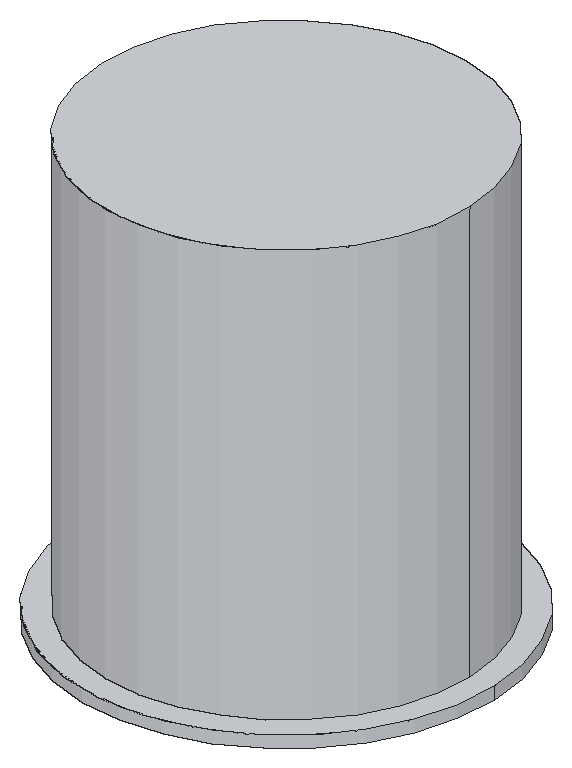
Revit family "ECLIPSE 3", category Lighting Fixtures, host Ceiling, Revit 2017
Family settings
  Host = Ceiling
  Round Connector Dimension = Use Diameter
  Part Type = Normal
  OmniClass Number = 23.80.70.11
  OmniClass Title = Luminaries for Internal Lighting
  Always vertical = Yes
  Cut with Voids When Loaded = No
  Light Source = Yes
  Shared = No
  Room Calculation Point = No
Parameters (values of type "Type 1")
  Wattage = 9.2903 W
  built-in parameter 1150110 = 1 (stored number, unit not read)
  built-in parameter 1114217 = 1 (stored number, unit not read)
  Tilt Angle = 90.00°
  built-in parameter 1150109 = 1 (stored number, unit not read)
  built-in parameter 1150134 = (empty or 0)
  built-in parameter 1150113 = 1 (stored number, unit not read)
  Photometric Web File = "ELR50P 35D.IES"
  Lumens = 1380 lm
  built-in parameter 1150115 = 1 (stored number, unit not read)
  built-in parameter 1150105 = 109.82 (stored number, unit not read)
  built-in parameter 1150137 = (empty or 0)
  built-in parameter 1150139 = (empty or 0)
  built-in parameter 1150112 = 1 (stored number, unit not read)
  built-in parameter 1150114 = 1 (stored number, unit not read)
  built-in parameter 1150132 = 2
  built-in parameter 1150102 = (empty or 0)
  built-in parameter 1150138 = (empty or 0)
  built-in parameter 1150107 = 3000 (stored number, unit not read)
  built-in parameter 1150106 = 1.0982 (stored number, unit not read)
  built-in parameter 1150104 = 13.8 (stored number, unit not read)
  Dimming Lamp Color Temperature Shift = <None>
  Color Filter = 16777215
  built-in parameter 1114218 = 1 (stored number, unit not read)
  built-in parameter 1150133 = 10 (stored number, unit not read)
Reference planes
  plane 1 "Light Source Axis (F/B)": y = 0
  plane 2: z = 0
  plane 3 "Light Source Axis (L/R)": x = 0
  plane 4 "Ceiling": z = 4000
  plane 5 "Light Source Elevation": z = 3995.625
  plane 6: x = -41.288
  plane 7: x = 41.258
  plane 8: y = 52.5
  plane 9: y = -52.5
Forms (mm)
  Extrusion 1, solid
    sketch origin (0, 0, 4000) x (0, 1, 0) y (-1, 0, 0)
      loop
        circle (0, 0) r 50.955
      loop
        circle (0, 0) r 43.09
    from 0 to -3
  Extrusion 2, solid
    sketch origin (0, 0, 4000) x (0, 1, 0) y (-1, 0, 0)
      loop
        circle (0, 0.015) r 45
    from 0 to 103
  Extrusion 3, solid, material "Glass, Frosted"
    sketch origin (0, 0, 4000) x (0, 1, 0) y (-1, 0, 0)
      loop
        circle (0, 0) r 43.09
    from 0 to -3
Lines and regions (mm)
  Opening 1
    outline origin (0, 0, 4000) x (1, 0, 0) y (0, 1, 0)
      loop
        circle (0, 0) r 50.969
Dimensions and locks
  equal spacing: host sketch curve, plane 3 "Light Source Axis (L/R)", host sketch curve
  equal spacing: host sketch curve, plane 1 "Light Source Axis (F/B)", host sketch curve
  host sketch curve to host sketch curve = 4000.00 mm  (x2)
  plane 4 "Ceiling" to host ceiling = 0.00 mm
  plane 8 to plane 9 = 105.00 mm
  plane 4 "Ceiling" to Extrusion 2 = 103.00 mm
  plane 7 to plane 6 = 82.546 mm
  aligned and locked: plane 5 "Light Source Elevation" to imposter light
